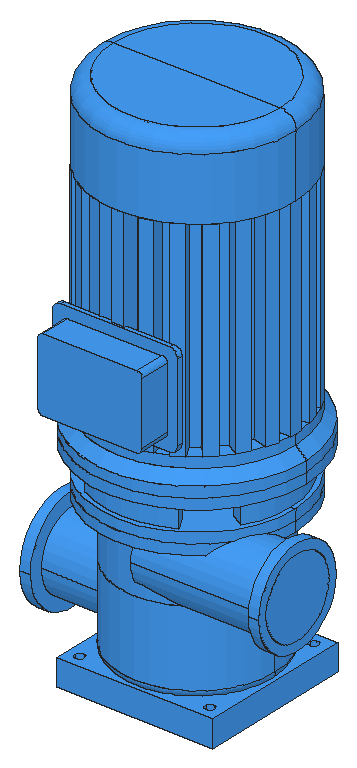
Revit family "变频给水泵", category 机械设备, Revit 2020
Family settings
  圆形连接件大小 = 使用直径
  零件类型 = 标准
  基于工作平面 = 否
  总是垂直 = 是
  加载时剪切的空心 = 否
  共享 = 否
  房间计算点 = 否
Parameters (values of type "55m³/h-60m-15KW")
  Default Elevation = 0 mm
  Assembly Code = ""
  转速比模式 [instance] = "默认"
  转速比 [instance] = 3.2
  转速 = ""
  负荷分类 = none
  说明信息 [instance] = "这是一台泵"
  说明 = "找构件就上构件坞"
  能耗价格 [instance] = 100
  编码 [instance] = ""
  给排水工作压力 = 400000.0 Pa
  系统类型 = ""
  Type Comments = ""
  相对转速设置 [instance] = 0
  电压 = 0 V
  流量效率曲线 [instance] = ""
  流量 = 55.0 L/s
  Keynote = ""
  水泵状态 [instance] = "OPEN"
  水泵材质 = M-金属漆-蓝色
  标签 [instance] = "147,258,369"
  构件分类编码 = ""
  极数 = 1
  流量扬程曲线 [instance] = ""
  扬程 = ""
  额定功率 [instance] = 75
  型号信息 [instance] = "CBN-16-4"
  Model = ""
  吸水口公称直径 = 150 mm
  名称 [instance] = "泵"
  功率 = 15000 W
  Manufacturer = ""
  出水口公称直径 = 150 mm
  出水口法兰外半径 = 92.5 mm
  吸水口法兰外半径 = 100 mm
  底座高度 = 50 mm
  底座宽度 = 300 mm
  螺栓位置 = 250 mm
  出水口位置 = 84 mm
  出水口长度 = 260 mm
  吸水口长度 = 260 mm
  出水口公称半径 = 出水口公称直径 / 2  # 75 mm
  吸水口公称半径 = 吸水口公称直径 / 2  # 75 mm
  底座长度 = 300 mm
  螺栓间距 = 250 mm
  出水口高度 = 270 mm
  吸水口高度 = 140 mm
  高度 = 1040 mm
  净重 = 275.00 kg
  价格模式 [instance] = ""
  下游标高 [instance] = 0
  下游初始水质 [instance] = 0
  上游标高 [instance] = 0
  上游初始水质 [instance] = 0
  URL = "www.goujianwu.com"
Types (2, lengths in mm): name | 转速比模式 | 转速比 | 说明信息 | 能耗价格 | 流量 | 水泵状态 | 标签 | 额定功率 | 型号信息 | 吸水口公称直径 | 名称 | 功率 | 出水口公称直径 | 出水口公称半径 | 吸水口公称半径
  20m³/h-60m-7.5KW | "" | 0 | "" | 0 | 20.0 L/s | "" | "" | 0 | "" | 80 | "" | 7500 W | 80 | 40 | 40
  55m³/h-60m-15KW | "默认" | 3.2 | "这是一台泵" | 100 | 55.0 L/s | "OPEN" | "147,258,369" | 75 | "CBN-16-4" | 150 | "泵" | 15000 W | 150 | 75 | 75
Reference planes
  plane 1 "中心(前/后)": y = 0
  plane 2: z = 0
  plane 3 "中心(左/右)": x = 0
  plane 4: z = 1040
  plane 5: z = 140
  plane 6: z = 270
  plane 7: z = 50
  plane 8: x = -150
  plane 9: x = 150
  plane 10: y = 150
  plane 11: y = -150
  plane 12: x = -260
  plane 13: x = 260
  plane 14: y = -84
  plane 15: x = 240
  plane 16: x = -125
  plane 17: x = 125
  plane 18: y = 125
  plane 19: y = -125
  plane 20: z = 790
  plane 21: y = 5
  plane 22: y = -5
Forms (mm)
  Extrusion 1, solid, material "M-金属漆-蓝色" <- "水泵材质", detail levels fine
    sketch origin (0, 0, 0) x (1, 0, 0) y (0, 1, 0)
      loop
        line (-150, 150) -> (-150, -150) -> (150, -150) -> (150, 150) -> (-150, 150)
    from 0 to 50
  Revolve 2, solid, material "M-金属漆-蓝色" <- "水泵材质", detail levels fine
    sketch origin (0, 0, 0) x (1, 0, 0) y (0, 0, 1)
      loop
        line (0, 1040) -> (0, 490) -> (160, 490) -> (160, 890) -> (190, 890) -> (190, 1010)
        arc (190, 1010) -> (181.213, 1031.213) -> (160, 1040) r 30
        line (160, 1040) -> (0, 1040)
      axis (0, 1040) -> (0, 490)
    angle from 0 to 360
  Revolve 3, solid, material "M-金属漆-蓝色" <- "水泵材质", detail levels fine
    sketch origin (0, 0, 0) x (1, 0, 0) y (0, 0, 1)
      loop
        line (0, 490) -> (0, 430) -> (210, 430) -> (210, 450) -> (190, 470) -> (190, 490) -> (0, 490)
      axis (0, 490) -> (0, 430)
    angle from 0 to 360
  Revolve 4, solid, material "M-金属漆-蓝色" <- "水泵材质", detail levels fine
    sketch origin (0, 0, 0) x (1, 0, 0) y (0, 0, 1)
      loop
        line (0, 430) -> (0, 410) -> (210, 410) -> (210, 430) -> (0, 430)
      axis (0, 430) -> (0, 410)
    angle from 0 to 360
  Extrusion 5, solid, material "M-金属漆-蓝色" <- "水泵材质", detail levels fine
    sketch origin (0, 0, 0) x (1, 0, 0) y (0, 1, 0)
      loop
        circle (0, 0) r 50
      loop
        arc (155.885, -90) -> (180, 0) -> (155.885, 90) r 180
        line (155.885, 90) -> (129.904, 75)
        arc (129.904, 75) -> (150, 0) -> (129.904, -75) r 150
        line (129.904, -75) -> (155.885, -90)
      loop
        line (90, -155.885) -> (75, -129.904)
        arc (75, -129.904) -> (0, -150) -> (-75, -129.904) r 150
        line (-75, -129.904) -> (-90, -155.885)
        arc (-90, -155.885) -> (0, -180) -> (90, -155.885) r 180
      loop
        line (-155.885, -90) -> (-129.904, -75)
        arc (-129.904, -75) -> (-150, 0) -> (-129.904, 75) r 150
        line (-129.904, 75) -> (-155.885, 90)
        arc (-155.885, 90) -> (-180, 0) -> (-155.885, -90) r 180
      loop
        arc (90, 155.885) -> (0, 180) -> (-90, 155.885) r 180
        line (-90, 155.885) -> (-75, 129.904)
        arc (-75, 129.904) -> (0, 150) -> (75, 129.904) r 150
        line (75, 129.904) -> (90, 155.885)
    from 360 to 410
  Revolve 6, solid, material "M-金属漆-蓝色" <- "水泵材质", detail levels fine
    sketch origin (0, 0, 0) x (1, 0, 0) y (0, 0, 1)
      loop
        line (0, 340) -> (0, 210) -> (150, 210) -> (150, 320) -> (190, 320) -> (190, 340) -> (0, 340)
      axis (0, 340) -> (0, 210)
    angle from 0 to 360
  Extrusion 7, solid, material "M-金属漆-蓝色" <- "水泵材质", detail levels fine
    sketch origin (0, 0, 0) x (0, 1, 0) y (0, 0, 1)
      loop
        circle (0, 140) r 75
    from -260 to 0
  Extrusion 8, solid, material "M-金属漆-蓝色" <- "水泵材质", detail levels fine
    sketch origin (0, 0, 0) x (0, 1, 0) y (0, 0, 1)
      loop
        circle (0, 140) r 75
      loop
        circle (0, 140) r 100
    from -260 to -240
  Extrusion 9, solid, material "M-金属漆-蓝色" <- "水泵材质", detail levels fine
    sketch origin (0, 0, 0) x (0, 1, 0) y (0, 0, 1)
      loop
        circle (-84, 270) r 75
    from 0 to 260
  Revolve 10, solid, material "M-金属漆-蓝色" <- "水泵材质", detail levels fine
    sketch origin (0, 0, 0) x (1, 0, 0) y (0, 0, 1)
      loop
        line (0, 360) -> (0, 340) -> (190, 340) -> (190, 360) -> (0, 360)
      axis (0, 360) -> (0, 340)
    angle from 0 to 360
  Extrusion 11, solid, material "M-金属漆-蓝色" <- "水泵材质", detail levels fine
    sketch origin (0, 0, 0) x (0, 1, 0) y (0, 0, 1)
      loop
        circle (-84, 270) r 75
      loop
        circle (-84, 270) r 92.5
    from 240 to 260
  Extrusion 12, void
    sketch origin (0, 0, 0) x (1, 0, 0) y (0, 1, 0)
      loop
        circle (-125, 125) r 9
      loop
        circle (125, 125) r 9
      loop
        circle (-125, -125) r 9
      loop
        circle (125, -125) r 9
    from 0 to 50
  Extrusion 13, solid, material "M-金属漆-蓝色" <- "水泵材质", detail levels fine
    sketch origin (0, 0, 125) x (1, 0, 0) y (0, 0, 1)
      loop
        arc (-105, 570) -> (-115.607, 565.607) -> (-120, 555) r 15
        line (-120, 555) -> (-120, 405)
        arc (-120, 405) -> (-115.607, 394.393) -> (-105, 390) r 15
        line (-105, 390) -> (105, 390)
        arc (105, 390) -> (115.607, 394.393) -> (120, 405) r 15
        line (120, 405) -> (120, 555)
        arc (120, 555) -> (115.607, 565.607) -> (105, 570) r 15
        line (105, 570) -> (-105, 570)
    from 186.632 to 196.632
  Extrusion 14, solid, material "M-金属漆-蓝色" <- "水泵材质", detail levels fine
    sketch origin (0, 0, 125) x (1, 0, 0) y (0, 0, 1)
      loop
        arc (-90, 550) -> (-97.071, 547.071) -> (-100, 540) r 10
        line (-100, 540) -> (-100, 420)
        arc (-100, 420) -> (-97.071, 412.929) -> (-90, 410) r 10
        line (-90, 410) -> (90, 410)
        arc (90, 410) -> (97.071, 412.929) -> (100, 420) r 10
        line (100, 420) -> (100, 540)
        arc (100, 540) -> (97.071, 547.071) -> (90, 550) r 10
        line (90, 550) -> (-90, 550)
    from 196.632 to 256.632
  Extrusion 15, solid, material "M-金属漆-蓝色" <- "水泵材质", detail levels fine
    sketch origin (0, 0, 225) x (1, 0, 0) y (0, 0, 1)
      loop
        circle (-220, 565) r 12
      loop
        circle (-220, 565) r 20
    from -5 to 5
  Extrusion 16, solid, material "M-金属漆-蓝色" <- "水泵材质", detail levels fine
    sketch origin (0, 0, 225) x (1, 0, 0) y (0, 0, 1)
      loop
        line (-202, 575) -> (-202, 555) -> (-190, 555) -> (-190, 575) -> (-202, 575)
    from -5 to 5
  Revolve 17, solid, material "M-金属漆-蓝色" <- "水泵材质", detail levels fine
    sketch origin (0, 0, 0) x (1, 0, 0) y (0, 0, 1)
      loop
        line (0, 210) -> (0, 50) -> (135, 50)
        arc (135, 50) -> (145.607, 54.393) -> (150, 65) r 15
        line (150, 65) -> (150, 210) -> (0, 210)
      axis (0, 210) -> (0, 50)
    angle from 0 to 360
  Extrusion 18, solid, material "M-金属漆-蓝色" <- "水泵材质", detail levels fine
    sketch origin (0, 0, 0) x (1, 0, 0) y (0, 1, 0)
      loop
        line (-12, 190) -> (-12, 160) -> (12, 160) -> (12, 190) -> (-12, 190)
      loop
        line (-60.767, 180.42) -> (-53.002, 151.442) -> (-29.82, 157.654) -> (-37.585, 186.632) -> (-60.767, 180.42)
      loop
        line (37.585, -186.632) -> (60.767, -180.42) -> (53.002, -151.442) -> (29.82, -157.654) -> (37.585, -186.632)
      loop
        line (-105.392, 158.545) -> (-90.392, 132.564) -> (-69.608, 144.564) -> (-84.608, 170.545) -> (-105.392, 158.545)
      loop
        line (84.608, -170.545) -> (105.392, -158.545) -> (90.392, -132.564) -> (69.608, -144.564) -> (84.608, -170.545)
      loop
        line (-142.836, 125.865) -> (-121.622, 104.652) -> (-104.652, 121.622) -> (-125.865, 142.836) -> (-142.836, 125.865)
      loop
        line (125.865, -142.836) -> (142.836, -125.865) -> (121.622, -104.652) -> (104.652, -121.622) -> (125.865, -142.836)
      loop
        line (-170.545, 84.608) -> (-144.564, 69.608) -> (-132.564, 90.392) -> (-158.545, 105.392) -> (-170.545, 84.608)
      loop
        line (158.545, -105.392) -> (170.545, -84.608) -> (144.564, -69.608) -> (132.564, -90.392) -> (158.545, -105.392)
      loop
        line (-186.632, 37.585) -> (-157.654, 29.82) -> (-151.442, 53.002) -> (-180.42, 60.767) -> (-186.632, 37.585)
      loop
        line (180.42, -60.767) -> (186.632, -37.585) -> (157.654, -29.82) -> (151.442, -53.002) -> (180.42, -60.767)
      loop
        line (60.767, 180.42) -> (37.585, 186.632) -> (29.82, 157.654) -> (53.002, 151.442) -> (60.767, 180.42)
      loop
        line (-37.585, -186.632) -> (-29.82, -157.654) -> (-53.002, -151.442) -> (-60.767, -180.42) -> (-37.585, -186.632)
      loop
        line (105.392, 158.545) -> (84.608, 170.545) -> (69.608, 144.564) -> (90.392, 132.564) -> (105.392, 158.545)
      loop
        line (-84.608, -170.545) -> (-69.608, -144.564) -> (-90.392, -132.564) -> (-105.392, -158.545) -> (-84.608, -170.545)
      loop
        line (142.836, 125.865) -> (125.865, 142.836) -> (104.652, 121.622) -> (121.622, 104.652) -> (142.836, 125.865)
      loop
        line (-125.865, -142.836) -> (-104.652, -121.622) -> (-121.622, -104.652) -> (-142.836, -125.865) -> (-125.865, -142.836)
      loop
        line (170.545, 84.608) -> (158.545, 105.392) -> (132.564, 90.392) -> (144.564, 69.608) -> (170.545, 84.608)
      loop
        line (-158.545, -105.392) -> (-132.564, -90.392) -> (-144.564, -69.608) -> (-170.545, -84.608) -> (-158.545, -105.392)
      loop
        line (186.632, 37.585) -> (180.42, 60.767) -> (151.442, 53.002) -> (157.654, 29.82) -> (186.632, 37.585)
      loop
        line (-180.42, -60.767) -> (-151.442, -53.002) -> (-157.654, -29.82) -> (-186.632, -37.585) -> (-180.42, -60.767)
      loop
        line (-190, -12) -> (-160, -12) -> (-160, 12) -> (-190, 12) -> (-190, -12)
      loop
        line (190, -12) -> (190, 12) -> (160, 12) -> (160, -12) -> (190, -12)
      loop
        line (-12, -190) -> (12, -190) -> (12, -160) -> (-12, -160) -> (-12, -190)
    from 490 to 890
Cuts and joins
  Extrusion 12 cuts Extrusion 1
  joined: Extrusion 7, Revolve 17
  joined: Revolve 6, Extrusion 9
Lines and regions (mm)
  model lines, detail levels coarse+medium
    curve 1: circle (0, 0, 0) r 295 normal (0, 0, 1)
    curve 2: line (295, 0, 0) -> (-137.5, 260.996, 0)
    curve 3: line (-137.5, 260.996, 0) -> (-137.5, -260.996, 0)
    curve 4: line (-137.5, -260.996, 0) -> (295, 0, 0)
Dimensions and locks
  "高度": plane 4 to level
  "吸水口高度": plane 5 to level
  "出水口高度": plane 6 to level
  "底座高度": plane 7 to level
  equal spacing: plane 8, plane 3 "中心(左/右)", plane 9
  "底座长度": plane 8 to plane 9
  equal spacing: plane 11, plane 1 "中心(前/后)", plane 10
  "底座宽度": plane 10 to plane 11
  "吸水口长度": plane 12 to plane 3 "中心(左/右)"
  "出水口长度": plane 3 "中心(左/右)" to plane 13
  "出水口位置": plane 1 "中心(前/后)" to plane 14
  equal spacing: plane 16, plane 3 "中心(左/右)", plane 17
  "螺栓间距": plane 16 to plane 17
  equal spacing: plane 19, plane 1 "中心(前/后)", plane 18
  "螺栓位置": plane 18 to plane 19
  "吸水口公称半径": radius of Extrusion 7 sketch curve
  "吸水口公称半径": radius of Extrusion 8 sketch curve
  "吸水口法兰外半径": radius of Extrusion 8 sketch curve
  "出水口公称半径": radius of Extrusion 9 sketch curve
  "出水口公称半径": radius of Extrusion 11 sketch curve
  "出水口法兰外半径": radius of Extrusion 11 sketch curve
  aligned and locked: level to plane 2
  aligned and locked: Extrusion 1 sketch curve to plane 10
  aligned and locked: plane 8 to Extrusion 1 sketch curve
  aligned and locked: Extrusion 1 sketch curve to plane 11
  aligned and locked: plane 9 to Extrusion 1 sketch curve
  aligned and locked: plane 7 to Extrusion 1
  aligned and locked: Revolve 2 sketch curve to plane 4
  aligned and locked: plane 3 "中心(左/右)" to Revolve 2 sketch curve
  aligned and locked: Revolve 2 sketch curve to plane 3 "中心(左/右)"
  aligned and locked: Revolve 3 sketch curve to plane 3 "中心(左/右)"  (x2)
  aligned and locked: plane 3 "中心(左/右)" to Revolve 4 sketch curve
  aligned and locked: Revolve 4 sketch curve to plane 3 "中心(左/右)"
  aligned and locked: plane 3 "中心(左/右)" to Revolve 6 sketch curve
  aligned and locked: Revolve 6 sketch curve to plane 3 "中心(左/右)"
  aligned and locked: plane 5 to Extrusion 7 sketch curve
  aligned and locked: plane 1 "中心(前/后)" to Extrusion 7 sketch curve
  aligned and locked: Extrusion 7 to plane 12
  aligned and locked: plane 5 to Extrusion 8 sketch curve  (x2)
  aligned and locked: plane 1 "中心(前/后)" to Extrusion 8 sketch curve  (x2)
  aligned and locked: Extrusion 8 to plane 12
  aligned and locked: plane 6 to Extrusion 9 sketch curve
  aligned and locked: Extrusion 9 to plane 13
  aligned and locked: plane 3 "中心(左/右)" to Revolve 10 sketch curve
  aligned and locked: Revolve 10 sketch curve to plane 3 "中心(左/右)"
  aligned and locked: plane 6 to Extrusion 11 sketch curve  (x2)
  aligned and locked: Extrusion 11 to plane 13
  aligned and locked: plane 16 to Extrusion 12 sketch curve  (x2)
  aligned and locked: plane 18 to Extrusion 12 sketch curve
  aligned and locked: Extrusion 12 sketch curve to plane 18
  aligned and locked: plane 19 to Extrusion 12 sketch curve  (x2)
  aligned and locked: plane 17 to Extrusion 12 sketch curve  (x2)
  aligned and locked: plane 7 to Extrusion 12
  aligned and locked: plane 14 to Extrusion 9 sketch curve
  aligned and locked: plane 14 to Extrusion 11 sketch curve  (x2)
  aligned and locked: plane 7 to Revolve 17 sketch curve
  aligned and locked: plane 3 "中心(左/右)" to Revolve 17 sketch curve
  aligned and locked: Revolve 17 sketch curve to plane 3 "中心(左/右)"
  aligned and locked: Extrusion 11 to plane 15
  aligned and locked: plane 1 "中心(前/后)" to nested 1
  aligned and locked: plane 3 "中心(左/右)" to nested 1
Automatic sketch dimensions
  Revolve 2 sketch curve to plane 9 = 10 mm
  Revolve 2 sketch curve to Revolve 2 sketch curve = 120 mm
  plane 6 to Revolve 2 sketch curve = 220 mm
  plane 6 to Revolve 2 sketch curve = 55 mm
  plane 4 to Revolve 2 sketch curve = 280 mm
  Revolve 4 sketch curve to plane 9 = 60 mm
  plane 6 to Revolve 4 sketch curve = 140 mm
  Revolve 4 sketch curve to Revolve 4 sketch curve = 20 mm
  plane 6 to Revolve 4 sketch curve = 45 mm
  Revolve 4 sketch curve to Revolve 4 sketch curve = 25 mm
  plane 16 to Extrusion 13 sketch curve = 5 mm
  Extrusion 13 sketch curve to Extrusion 13 sketch curve = 15 mm  (x2)
  plane 17 to Extrusion 13 sketch curve = 20 mm  (x2)
  plane 17 to Extrusion 13 sketch curve = 5 mm
  plane 6 to Extrusion 13 sketch curve = 245 mm
  Extrusion 13 sketch curve to Extrusion 13 sketch curve = 150 mm
  plane 16 to Extrusion 14 sketch curve = 25 mm
  Extrusion 14 sketch curve to Extrusion 14 sketch curve = 10 mm  (x3)
  plane 17 to Extrusion 14 sketch curve = 35 mm  (x2)
  plane 6 to Extrusion 14 sketch curve = 265 mm
  Extrusion 14 sketch curve to Extrusion 14 sketch curve = 120 mm
  Extrusion 15 sketch curve to Extrusion 15 sketch curve = 0 mm  (x2)
  Extrusion 15 sketch curve to plane 20 = 0 mm
  Extrusion 15 sketch curve to plane 8 = 70 mm
  Extrusion 16 sketch curve to plane 8 = 52 mm
  Extrusion 16 sketch curve to plane 8 = 40 mm
  Extrusion 16 sketch curve to plane 20 = 10 mm
  plane 20 to Extrusion 16 sketch curve = 10 mm
  plane 1 "中心(前/后)" to curve 1 = 0 mm
  curve 1 to plane 3 "中心(左/右)" = 0 mm
  plane 1 "中心(前/后)" to curve 4 = 0 mm
  curve 3 to plane 16 = 12.5 mm
  curve 4 to plane 13 = 35 mm
  Revolve 6 sketch curve to plane 9 = 40 mm
  Revolve 6 sketch curve to plane 6 = 60 mm
  plane 6 to Revolve 6 sketch curve = 50 mm
  plane 6 to Revolve 6 sketch curve = 70 mm
  Revolve 6 sketch curve to level = 175 mm
  Revolve 6 sketch curve to plane 20 = 85 mm
  Revolve 2 sketch curve to plane 17 = 35 mm
  Revolve 2 sketch curve to Revolve 2 sketch curve = 30 mm
  plane 22 to Extrusion 18 sketch curve = 7 mm  (x2)
  Extrusion 18 sketch curve to plane 8 = 40 mm
  Extrusion 18 sketch curve to Extrusion 18 sketch curve = 3.368 mm  (x5)
  plane 14 to Extrusion 18 sketch curve = 23.233 mm  (x2)
  Extrusion 18 sketch curve to Extrusion 18 sketch curve = 6.212 mm  (x3)
  Extrusion 18 sketch curve to plane 8 = 20.545 mm  (x2)
  Extrusion 18 sketch curve to plane 14 = 0.608 mm
  Extrusion 18 sketch curve to plane 8 = 10 mm
  Extrusion 18 sketch curve to plane 8 = 8.545 mm  (x2)
  Extrusion 18 sketch curve to plane 8 = 7.654 mm  (x2)
  plane 8 to Extrusion 18 sketch curve = 5.436 mm  (x2)
  plane 18 to Extrusion 18 sketch curve = 0.865 mm
  plane 8 to Extrusion 18 sketch curve = 7.164 mm  (x2)
  plane 19 to Extrusion 18 sketch curve = 0.865 mm
  Extrusion 18 sketch curve to plane 16 = 0.865 mm  (x2)
  plane 16 to Extrusion 18 sketch curve = 3.378 mm  (x2)
  plane 11 to Extrusion 18 sketch curve = 8.545 mm
  plane 16 to Extrusion 18 sketch curve = 19.608 mm  (x2)
  plane 18 to Extrusion 18 sketch curve = 7.564 mm  (x2)
  Extrusion 18 sketch curve to Extrusion 18 sketch curve = 14.259 mm  (x6)
  plane 19 to Extrusion 18 sketch curve = 7.564 mm  (x2)
  plane 11 to Extrusion 18 sketch curve = 20.545 mm  (x2)
  plane 10 to Extrusion 18 sketch curve = 20.545 mm  (x2)
  Extrusion 18 sketch curve to Extrusion 18 sketch curve = 20.785 mm
  Extrusion 18 sketch curve to Extrusion 18 sketch curve = 23.841 mm  (x6)
  plane 10 to Extrusion 18 sketch curve = 1.442 mm  (x2)
  Extrusion 18 sketch curve to Extrusion 18 sketch curve = 16.606 mm  (x8)
  plane 11 to Extrusion 18 sketch curve = 1.442 mm  (x2)
  Extrusion 18 sketch curve to Extrusion 18 sketch curve = 23.182 mm  (x4)
  Extrusion 18 sketch curve to plane 3 "中心(左/右)" = 12 mm  (x2)
  plane 3 "中心(左/右)" to Extrusion 18 sketch curve = 12 mm  (x2)
  plane 10 to Extrusion 18 sketch curve = 7.654 mm
  Extrusion 18 sketch curve to Extrusion 18 sketch curve = 17.82 mm  (x4)
  plane 11 to Extrusion 18 sketch curve = 7.654 mm
  Extrusion 18 sketch curve to Extrusion 18 sketch curve = 25.585 mm  (x4)
  Extrusion 18 sketch curve to plane 11 = 5.436 mm
  Extrusion 18 sketch curve to plane 10 = 5.436 mm
  Extrusion 18 sketch curve to plane 19 = 3.378 mm
  Extrusion 18 sketch curve to plane 18 = 3.378 mm
  plane 17 to Extrusion 18 sketch curve = 3.378 mm  (x2)
  Extrusion 18 sketch curve to plane 17 = 0.865 mm  (x2)
  Extrusion 18 sketch curve to plane 17 = 7.564 mm  (x2)
  plane 9 to Extrusion 18 sketch curve = 5.436 mm  (x2)
  Extrusion 18 sketch curve to plane 9 = 1.442 mm  (x2)
  Extrusion 18 sketch curve to plane 9 = 7.654 mm  (x2)
  Extrusion 18 sketch curve to plane 9 = 8.545 mm  (x2)
  Extrusion 18 sketch curve to plane 9 = 10 mm
  Extrusion 18 sketch curve to Extrusion 18 sketch curve = 9.875 mm  (x2)
  plane 11 to Extrusion 18 sketch curve = 40 mm
  plane 11 to Extrusion 18 sketch curve = 10 mm
  Extrusion 18 sketch curve to plane 11 = 7.164 mm  (x2)
  Extrusion 18 sketch curve to plane 14 = 21.392 mm  (x2)
  Extrusion 18 sketch curve to plane 14 = 6.392 mm
  plane 21 to Extrusion 18 sketch curve = 7 mm  (x2)
  plane 10 to Extrusion 18 sketch curve = 10 mm
  Revolve 3 sketch curve to plane 9 = 40 mm
  Revolve 3 sketch curve to plane 15 = 30 mm
  plane 6 to Revolve 3 sketch curve = 160 mm
  Revolve 3 sketch curve to Revolve 3 sketch curve = 60 mm
  plane 6 to Revolve 3 sketch curve = 50 mm
  Revolve 3 sketch curve to Revolve 3 sketch curve = 20 mm  (x2)
  Revolve 3 sketch curve to Revolve 3 sketch curve = 50 mm
  Extrusion 5 sketch curve to Extrusion 5 sketch curve = 0 mm  (x72)
  plane 1 "中心(前/后)" to Extrusion 5 sketch curve = 0 mm
  Extrusion 5 sketch curve to plane 3 "中心(左/右)" = 0 mm
  plane 19 to Extrusion 5 sketch curve = 4.904 mm  (x2)
  plane 16 to Extrusion 5 sketch curve = 50 mm  (x2)
  plane 18 to Extrusion 5 sketch curve = 4.904 mm  (x2)
  plane 10 to Extrusion 5 sketch curve = 5.885 mm  (x2)
  Extrusion 5 sketch curve to Extrusion 5 sketch curve = 15 mm  (x2)
  plane 11 to Extrusion 5 sketch curve = 5.885 mm  (x2)
  Extrusion 5 sketch curve to plane 16 = 4.904 mm  (x2)
  Extrusion 5 sketch curve to plane 8 = 5.885 mm  (x2)
  Extrusion 5 sketch curve to plane 17 = 4.904 mm  (x2)
  Extrusion 5 sketch curve to plane 9 = 5.885 mm  (x2)
  Extrusion 5 sketch curve to plane 14 = 6 mm  (x2)
  plane 14 to Extrusion 5 sketch curve = 9 mm  (x2)
  Revolve 6 sketch curve to Revolve 6 sketch curve = 40 mm
  Revolve 10 sketch curve to plane 9 = 40 mm
  plane 6 to Revolve 10 sketch curve = 70 mm
  Revolve 10 sketch curve to Revolve 10 sketch curve = 20 mm
  plane 6 to Revolve 10 sketch curve = 5 mm
  Revolve 10 sketch curve to Revolve 10 sketch curve = 10 mm
  plane 9 to Revolve 17 sketch curve = 0 mm
  Revolve 17 sketch curve to plane 17 = 10 mm
  Revolve 17 sketch curve to plane 6 = 60 mm
  Revolve 17 sketch curve to plane 7 = 10.595 mm
  Revolve 17 sketch curve to Revolve 17 sketch curve = 26.958 mm
  radius of Extrusion 12 sketch curve = 9 mm  (x4)
  radius of Extrusion 15 sketch curve = 12 mm
  radius of Extrusion 15 sketch curve = 20 mm
  radius of Extrusion 5 sketch curve = 50 mm
Nested families
  nested 1: "泵图例" at (0, 0, 0), type "泵图例", detail levels coarse+medium
Connectors
  piping at (-260, 0, 140), diameter 150, driven by "吸水口公称直径"
    settings: on Extrusion 7, index 1, connector inside diameter 609.6 mm, connector length 0 mm, flow factor 0, pipe flow 0.0 L/s, pressure drop 0.0 Pa, fitting loss kfactor 0, connector angle 0.00°, fixture units 0, engagement length 0 mm, angle of deflection 0.00°, flow configuration 0, flow direction 1, fitting loss method 0, system type 29, joint type 0, gender type 0, connector reference index -1, connector utility 0, adjustable connector no, is connector primary yes, connector description ""
  piping at (260, -84, 270), diameter 150, driven by "出水口公称直径"
    settings: on Extrusion 9, index 2, connector inside diameter 609.6 mm, connector length 0 mm, flow factor 0, pipe flow 0.0 L/s, pressure drop 0.0 Pa, fitting loss kfactor 0, connector angle 0.00°, fixture units 0, engagement length 0 mm, angle of deflection 0.00°, flow configuration 0, flow direction 2, fitting loss method 0, system type 29, joint type 0, gender type 0, connector reference index -1, connector utility 0, adjustable connector no, is connector primary no, connector description ""
  electrical at (0, -256.632, 605)
    settings: on Extrusion 14, index 3, voltage 0 V, apparent load 0 VA, apparent load phase1 0 VA, apparent load phase2 0 VA, apparent load phase3 0 VA, power factor 1, load classification "其他", number of poles 1, system type 31, power factor state 1, is connector primary yes, connector utility no, sub classification motor no, connector description ""
Definition of nested family "泵图例"
  Reference planes
    plane 1: y = 0
    plane 2: x = 0
  Lines and regions (mm)
    detail lines
      curve 1: circle (0, 0, 0) r 2 normal (0, 0, 1)
      curve 2: line (2, 0, 0) -> (-1, 1.732, 0)
      curve 3: line (-1, 1.732, 0) -> (-1, -1.732, 0)
      curve 4: line (-1, -1.732, 0) -> (2, 0, 0)
